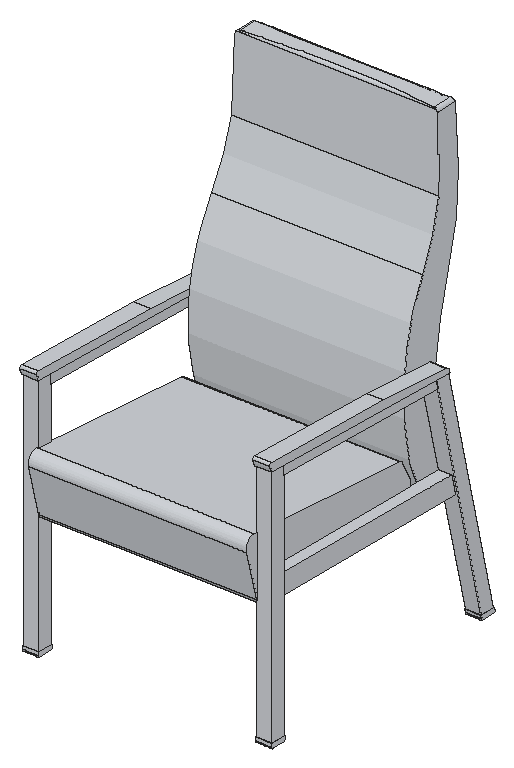
Revit family "Seat-LaZBoy-Kadia_Mod_Visitor_Seating-KAM10H", category Furniture, Revit 2017
Family settings
  OmniClass Number = 23.40.20.00
  OmniClass Title = General Furniture and Specialties
  Work Plane-Based = No
  Always vertical = Yes
  Cut with Voids When Loaded = No
  Shared = No
  Room Calculation Point = No
Parameters (values of type "Load by Type Catalog")
  Width = 24.50"  # constant formula
  URL = "https://www.la-z-boy.com/"
  Seat Material [instance] = none
  Product Documentation Link = "URL"
  Model = "KAM10HW"
  Manufacturer = "LaZBoy"
  Height = 45.50"  # constant formula
  Description = "High Back Guest Chair with Arm Wood Arm Caps"
  Depth = 28.50"  # constant formula
  Copyright © = "Inc"
  Back Material [instance] = none
  Assembly Code = "E2020200"
  Armcap Material [instance] = none
  Arm Material [instance] = none
Reference planes (in)
  plane 1 "Center (Front/Back)": y = 0
  plane 2: z = 0
  plane 3 "Center (Left/Right)": x = 0
  plane 4 "Left": x = -11.25
  plane 5 "Right": x = 11.25
  plane 6: y = -14.25
  plane 7: x = 12.25
  plane 8: x = -12.25
  plane 9: z = 45.5
  plane 10: y = 14.25
Forms (in)
  Extrusion 1, solid, material <- "Seat Material"
    sketch origin (0, 0, 0) x (0, 1, 0) y (0, 0, 1)
      loop
        line (-14.20977, 17.31062) -> (-12.97981, 12.5796)
        arc (-12.97981, 12.5796) -> (-12.80573, 12.31297) -> (-12.50598, 12.20551) r 0.5
        line (-12.50598, 12.20551) -> (-11.38081, 12.18281)
        arc (-11.38081, 12.18281) -> (-11.29166, 12.21765) -> (-11.25325, 12.30532) r 0.12505
        line (-11.25325, 12.30532) -> (-11.20993, 14.45317) -> (5.29993, 14.12012)
        arc (5.29993, 14.12012) -> (5.65915, 14.23248) -> (5.8094, 14.57757) r 0.45291
        arc (5.8094, 14.57757) -> (5.74318, 15.0541) -> (5.56542, 15.50117) r 2.00636
        line (5.56542, 15.50117) -> (4.83996, 16.83345)
        arc (4.83996, 16.83345) -> (4.70704, 16.98141) -> (4.52178, 17.05378) r 0.43026
        arc (4.52178, 17.05378) -> (-4.32435, 18.04888) -> (-13.21148, 18.56177) r 163.74963
        arc (-13.21148, 18.56177) -> (-14.02361, 18.18593) -> (-14.20977, 17.31062) r 1
    from -10.6875 to 10.6875
  Extrusion 2, void
    sketch origin (0, 0, 0) x (1, 0, 0) y (0, 0, 1)
      loop
        arc (-9.92603, 45.01507) -> (-9.81188, 45.28172) -> (-9.54658, 45.39895) r 0.39584
        arc (-9.54658, 45.39895) -> (-0.01623, 45.59436) -> (9.51413, 45.39895) r 232.50847
        arc (9.51413, 45.39895) -> (9.80024, 45.29302) -> (9.92603, 45.01507) r 0.39584
        line (9.92603, 45.01507) -> (10.56142, 23.40338) -> (10.56142, 12.03239) -> (13.43105, 12.03239) -> (13.43105, 46.28239) -> (-13.43105, 46.28239) -> (-13.43105, 12.03239) -> (-10.56142, 12.03239) -> (-10.56142, 23.40338) -> (-9.92603, 45.01507)
    from -14.4375 to 14.4375
  Extrusion 3, solid, material <- "Back Material"
    sketch origin (0, 0, 0) x (0, 1, 0) y (0, 0, 1)
      loop
        arc (9.02026, 23.00751) -> (9.7272, 27.09147) -> (10.91938, 31.061) r 34.45688
        arc (10.91938, 31.061) -> (12.01923, 35.10092) -> (12.41025, 39.26957) r 24.3337
        arc (12.41025, 39.26957) -> (12.38041, 42.21135) -> (12.24747, 45.15027) r 83.91515
        arc (12.24747, 45.15027) -> (12.13765, 45.39469) -> (11.89402, 45.50623) r 0.38076
        line (11.89402, 45.50623) -> (10.56635, 45.59907)
        arc (10.56635, 45.59907) -> (10.29183, 45.51005) -> (10.15591, 45.25547) r 0.38575
        arc (10.15591, 45.25547) -> (10.01665, 41.55572) -> (10.00748, 37.85335) r 105.35325
        arc (10.00748, 37.85335) -> (9.13569, 34.81059) -> (7.80947, 31.93665) r 20.66566
        arc (7.80947, 31.93665) -> (5.20393, 22.49701) -> (7.24592, 12.91965) r 20.62466
        arc (7.24592, 12.91965) -> (7.43038, 12.71353) -> (7.6962, 12.63702) r 0.5
        line (7.6962, 12.63702) -> (9.9862, 12.63702)
        arc (9.9862, 12.63702) -> (10.81864, 13.0829) -> (10.90874, 14.02293) r 1
        arc (10.90874, 14.02293) -> (9.83718, 17.0473) -> (9.10846, 20.17204) r 28.8197
        arc (9.10846, 20.17204) -> (8.9633, 21.58663) -> (9.02026, 23.00751) r 10
    from -12.25 to 12.25
  Extrusion 4, solid, material <- "Arm Material"
    sketch origin (-50.875, 0, 0) x (0, 1, 0) y (0, 0, 1)
      loop
        line (-11.53552, 23.46763) -> (7.29722, 22.74599) -> (7.06924, 23.69802) -> (-11.53552, 24.41093) -> (-11.53552, 23.46763)
    from 38.6875 to 40.1875
  Extrusion 5, solid, material <- "Arm Material"
    sketch origin (-28, 0, 0) x (0, 1, 0) y (0, 0, 1)
      loop
        line (-11.53552, 23.46763) -> (7.29722, 22.74599) -> (7.06924, 23.69802) -> (-11.53552, 24.41093) -> (-11.53552, 23.46763)
    from 38.6875 to 40.1875
Cuts and joins
  Extrusion 2 cuts Extrusion 3
Lines and regions (in)
  Masking region 1
    outline origin (27, 0, 0) x (1, 0, 0) y (0, 1, 0)
      loop
        spline (-16.375, 5.5) -> (-16.38323, 6.79904) -> (-16.40599, 7.89227) -> (-16.44036, 8.8047) -> (-16.48345, 9.56133) -> (-16.53234, 10.18714) -> (-16.58413, 10.70715) -> (-16.63592, 11.14634) -> (-16.6848, 11.52972) -> (-16.7337, 11.87191) -> (-16.80562, 12.15185) -> (-16.92783, 12.34086) -> (-17.12764, 12.41024)
        line (-17.12764, 12.41024) -> (-36.87236, 12.41024)
        spline (-36.87236, 12.41024) -> (-37.07217, 12.34086) -> (-37.19438, 12.15185) -> (-37.2663, 11.87191) -> (-37.3152, 11.52972) -> (-37.36408, 11.14634) -> (-37.41587, 10.70715) -> (-37.46766, 10.18714) -> (-37.51655, 9.56133) -> (-37.55964, 8.8047) -> (-37.59401, 7.89227) -> (-37.61677, 6.79904) -> (-37.625, 5.5)
        line (-37.625, 5.5) -> (-37.625, -13.75)
        arc (-37.625, -13.75) -> (-37.47855, -14.10355) -> (-37.125, -14.25) r 0.5
        line (-37.125, -14.25) -> (-16.875, -14.25)
        arc (-16.875, -14.25) -> (-16.52145, -14.10355) -> (-16.375, -13.75) r 0.5
        line (-16.375, -13.75) -> (-16.375, 5.5)
  symbolic lines, detail levels medium+fine
    curve 1: line (-9.54658, 10.20078, 0) -> (9.54658, 10.20078, 0)
  symbolic lines, style "Furniture", detail levels medium+fine
    curve 2: line (-10.625, 4.65279, 0) -> (-9.54658, 10.20078, 0)
    curve 3: line (10.625, 4.65279, 0) -> (9.54658, 10.20078, 0)
Dimensions and locks (in)
  equal spacing: plane 4 "Left", plane 3 "Center (Left/Right)", plane 5 "Right"
  equal spacing: plane 8, plane 3 "Center (Left/Right)", plane 7
  "Width": plane 8 to plane 7
  "Height": plane 9 to plane 2
  locked: plane 8 to plane 4 "Left" at 1
  plane 5 "Right" to plane 7 = 1.00"
  equal spacing: plane 10, plane 1 "Center (Front/Back)", plane 6
  "Depth": plane 6 to plane 10
  aligned and locked: level to plane 2
  aligned and locked: plane 3 "Center (Left/Right)" to nested 1
  aligned and locked: plane 1 "Center (Front/Back)" to nested 1
  aligned and locked: plane 10 to nested 2
  aligned and locked: nested 2 to plane 8
  aligned and locked: plane 7 to nested 3
  aligned and locked: nested 3 to plane 10
  aligned and locked: nested 2 to Extrusion 1
  aligned and locked: Extrusion 1 to nested 3
Automatic sketch dimensions
  plane 4 "Left" to curve 2 = 1.70342"
  plane 5 "Right" to curve 3 = 1.70342"
  curve 2 to plane 10 = 4.04922"
  plane 4 "Left" to curve 2 = 0.625"
  plane 5 "Right" to curve 3 = 0.625"
  curve 3 to plane 1 "Center (Front/Back)" = 4.65279"
  curve 2 to plane 1 "Center (Front/Back)" = 4.65279"
  plane 6 to Extrusion 1 sketch curve = 3.94909"
  Extrusion 1 sketch curve to plane 6 = 0.04023"
  Extrusion 1 sketch curve to Extrusion 1 sketch curve = 0.96783"
  Extrusion 1 sketch curve to plane 6 = 1.27019"
  Extrusion 1 sketch curve to Extrusion 1 sketch curve = 0.47383"
  Extrusion 1 sketch curve to Extrusion 1 sketch curve = 0.48391"
  Extrusion 1 sketch curve to Extrusion 1 sketch curve = 1.12518"
  Extrusion 1 sketch curve to Extrusion 1 sketch curve = 0.00252"
  Extrusion 1 sketch curve to Extrusion 1 sketch curve = 0.12503"
  Extrusion 1 sketch curve to Extrusion 1 sketch curve = 0.04333"
  Extrusion 1 sketch curve to plane 1 "Center (Front/Back)" = 3.80336"
  Extrusion 1 sketch curve to Extrusion 1 sketch curve = 0.65872"
  Extrusion 1 sketch curve to Extrusion 1 sketch curve = 0.37787"
  Extrusion 1 sketch curve to Extrusion 1 sketch curve = 1.49656"
  Extrusion 1 sketch curve to Extrusion 1 sketch curve = 0.05664"
  Extrusion 1 sketch curve to Extrusion 1 sketch curve = 0.20885"
  Extrusion 1 sketch curve to level = 145.11188"
  level to Extrusion 1 sketch curve = 12.18281"
  Extrusion 1 sketch curve to Extrusion 1 sketch curve = 0.0227"
  Extrusion 1 sketch curve to Extrusion 1 sketch curve = 0.12251"
  Extrusion 1 sketch curve to Extrusion 1 sketch curve = 0.37409"
  level to Extrusion 1 sketch curve = 14.12012"
  Extrusion 1 sketch curve to Extrusion 1 sketch curve = 0.42156"
  Extrusion 1 sketch curve to Extrusion 1 sketch curve = 0.44935"
  Extrusion 1 sketch curve to Extrusion 1 sketch curve = 0.9317"
  Extrusion 1 sketch curve to Extrusion 1 sketch curve = 1.12651"
  Extrusion 1 sketch curve to Extrusion 1 sketch curve = 0.20576"
  Extrusion 1 sketch curve to Extrusion 1 sketch curve = 2.85745"
  Extrusion 1 sketch curve to Extrusion 1 sketch curve = 0.25161"
  Extrusion 1 sketch curve to Extrusion 1 sketch curve = 0.00"
  plane 6 to Masking region 1 sketch curve = 0.00"
  plane 4 "Left" to Masking region 1 sketch curve = 0.625"
  Masking region 1 sketch curve to plane 6 = 0.50"  (x2)
  plane 4 "Left" to Masking region 1 sketch curve = 1.37764"
  plane 5 "Right" to Masking region 1 sketch curve = 1.37764"
  plane 5 "Right" to Masking region 1 sketch curve = 1.125"
  Masking region 1 sketch curve to plane 1 "Center (Front/Back)" = 5.50"  (x2)
  Masking region 1 sketch curve to plane 10 = 1.83976"
  Extrusion 2 sketch curve to plane 8 = 1.18105"
  plane 4 "Left" to Extrusion 2 sketch curve = 0.68858"
  plane 4 "Left" to Extrusion 2 sketch curve = 1.32397"
  Extrusion 2 sketch curve to Extrusion 2 sketch curve = 0.39567"  (x2)
  Extrusion 2 sketch curve to plane 3 "Center (Left/Right)" = 0.01623"
  Extrusion 2 sketch curve to plane 9 = 0.49656"  (x2)
  plane 5 "Right" to Extrusion 2 sketch curve = 1.71964"
  Extrusion 2 sketch curve to plane 9 = 0.48493"
  plane 5 "Right" to Extrusion 2 sketch curve = 0.68858"
  Extrusion 2 sketch curve to plane 7 = 1.18105"
  Extrusion 2 sketch curve to Extrusion 2 sketch curve = 21.61169"
  Extrusion 2 sketch curve to Extrusion 2 sketch curve = 0.00"  (x2)
  Extrusion 2 sketch curve to Extrusion 2 sketch curve = 11.371"  (x2)
  Extrusion 2 sketch curve to level = 186.91412"
  Extrusion 2 sketch curve to Extrusion 2 sketch curve = 0.01163"
  plane 9 to Extrusion 2 sketch curve = 0.78239"
  Extrusion 3 sketch curve to plane 9 = 5.61048"
  plane 6 to Extrusion 3 sketch curve = 57.25261"
  Extrusion 3 sketch curve to plane 6 = 2.32721"
  Extrusion 3 sketch curve to Extrusion 3 sketch curve = 1.68638"
  Extrusion 3 sketch curve to plane 10 = 6.5538"
  Extrusion 3 sketch curve to Extrusion 3 sketch curve = 2.29001"
  Extrusion 3 sketch curve to plane 9 = 0.28573"
  Extrusion 3 sketch curve to plane 10 = 3.71056"
  plane 9 to Extrusion 3 sketch curve = 0.09907"
  Extrusion 3 sketch curve to Extrusion 3 sketch curve = 0.02691"
  Extrusion 3 sketch curve to plane 9 = 0.3736"
  Extrusion 3 sketch curve to Extrusion 3 sketch curve = 1.32802"
  plane 9 to Extrusion 3 sketch curve = 0.00623"
  Extrusion 3 sketch curve to Extrusion 3 sketch curve = 0.02656"
  plane 10 to Extrusion 3 sketch curve = 4.70847"
  Extrusion 3 sketch curve to Extrusion 3 sketch curve = 6.86108"
  Extrusion 3 sketch curve to Extrusion 3 sketch curve = 11.67633"
  Extrusion 3 sketch curve to Extrusion 3 sketch curve = 5.76835"
  Extrusion 3 sketch curve to plane 9 = 6.05639"
  Extrusion 3 sketch curve to Extrusion 3 sketch curve = 72.0845"
  Extrusion 3 sketch curve to plane 9 = 20.35506"
  Extrusion 3 sketch curve to Extrusion 3 sketch curve = 3.24737"
  Extrusion 3 sketch curve to Extrusion 3 sketch curve = 0.01147"
  Extrusion 3 sketch curve to Extrusion 3 sketch curve = 5.96196"
  Extrusion 3 sketch curve to Extrusion 3 sketch curve = 8.26055"
  Extrusion 3 sketch curve to Extrusion 3 sketch curve = 0.50"
  Extrusion 3 sketch curve to Extrusion 3 sketch curve = 1.00"
  Extrusion 3 sketch curve to plane 9 = 6.05066"
  Extrusion 3 sketch curve to Extrusion 3 sketch curve = 2.55785"
  Extrusion 3 sketch curve to Extrusion 3 sketch curve = 0.00"  (x6)
  Extrusion 3 sketch curve to plane 10 = 5.22974"
  Extrusion 3 sketch curve to Extrusion 3 sketch curve = 2.19801"
  Extrusion 4 sketch curve to plane 6 = 2.71448"
  Extrusion 4 sketch curve to plane 10 = 7.18076"
  Extrusion 4 sketch curve to Extrusion 4 sketch curve = 0.22798"
  level to Extrusion 4 sketch curve = 22.74599"
  Extrusion 4 sketch curve to Extrusion 4 sketch curve = 0.72164"
  Extrusion 4 sketch curve to Extrusion 4 sketch curve = 0.95203"
  Extrusion 4 sketch curve to Extrusion 4 sketch curve = 0.9433"
  Extrusion 5 sketch curve to plane 6 = 2.71448"
  Extrusion 5 sketch curve to plane 10 = 7.18076"
  Extrusion 5 sketch curve to Extrusion 5 sketch curve = 0.22798"
  level to Extrusion 5 sketch curve = 22.74599"
  Extrusion 5 sketch curve to Extrusion 5 sketch curve = 0.72164"
  Extrusion 5 sketch curve to Extrusion 5 sketch curve = 0.95203"
  Extrusion 5 sketch curve to Extrusion 5 sketch curve = 0.9433"
Nested families (in)
  nested 1: "Label 1-16" at (0, 0, 0), type "Center", detail levels fine
    with Offset (LR) 0.00"
  nested 2: "KAM-Legs" at (-11.4375, -0.62521, 0), type "Standard"
  nested 3: "KAM-Legs" at (11.4375, -0.62521, 0) x (-1, 0, 0) z (0, 0, 1), type "Standard"
Definition of nested family "KAM-Legs"
  Parameters (values of type "Standard")
    URL = ""
    Model = ""
    Manufacturer = ""
    Description = ""
    Assembly Code = "E2020200"
    Armcap Material = none
    Arm Material = none
  Reference planes (in)
    plane 1 "Center (Front/Back)": y = 0
    plane 2: z = 0
    plane 3 "Center (Left/Right)": x = 0
    plane 4 "Left": x = -0.75
    plane 5 "Right": x = 0.75
    plane 6 "Top": z = 7.875
    plane 7: z = 3.9375
    plane 8: y = 14.87521
    plane 9: y = -12.70677
    plane 10: x = -0.8125
    plane 11: x = 0.8125
  Forms (in)
    Extrusion 1, solid, material <- "Arm Material"
      sketch origin (0, 0, 0) x (0, 1, 0) y (0, 0, 1)
        loop
          line (14.77719, 0.5562) -> (9.21278, 23.70234) -> (7.67912, 23.76206) -> (13.2361, 0.5562) -> (14.77719, 0.5562)
        loop
          line (-10.91031, 0.54831) -> (-10.91031, 24.62591) -> (-12.39735, 24.62591) -> (-12.39735, 0.54831) -> (-10.91031, 0.54831)
      from -0.75 to 0.75
    Extrusion 2, solid, material <- "Armcap Material"
      sketch origin (0, 0, 0) x (0, 1, 0) y (0, 0, 1)
        loop
          line (9.31962, 23.63575) -> (9.28113, 23.81681)
          arc (9.28113, 23.81681) -> (9.14966, 24.04635) -> (8.90912, 24.15643) r 0.43259
          arc (8.90912, 24.15643) -> (5.08499, 24.53404) -> (1.2488, 24.75811) r 95.87237
          line (1.2488, 24.75811) -> (-12.47645, 25.28404)
          arc (-12.47645, 25.28404) -> (-12.65161, 25.20907) -> (-12.70444, 25.026) r 0.22237
          arc (-12.70444, 25.026) -> (-12.635, 24.74221) -> (-12.52223, 24.47269) r 1.87069
          line (-12.52223, 24.47269) -> (9.31962, 23.63575)
      from -0.8125 to 0.8125
    Extrusion 3, solid
      sketch origin (0, 0.00399, 0) x (1, 0, 0) y (0, 1, 0)
        loop
          circle (0, 14.05016) r 0.56382
        loop
          circle (0, -11.66859) r 0.56382
      from 0 to 0.262
    Extrusion 4, solid, material <- "Arm Material"
      sketch origin (0, 0, 0) x (0, 1, 0) y (0, 0, 1)
        loop
          line (9.94865, 14.28456) -> (-10.91031, 14.70467) -> (-10.91031, 12.70427) -> (10.42999, 12.27446) -> (9.94865, 14.28456)
      from 0.75 to -0.5
    Extrusion 5, solid
      sketch origin (0, 0, 0) x (0, 1, 0) y (0, 0, 1)
        loop
          line (14.80347, 0.5562) -> (13.20606, 0.5562) -> (13.28835, 0.19977)
          arc (13.28835, 0.19977) -> (13.33819, 0.12079) -> (13.42636, 0.09) r 0.14163
          line (13.42636, 0.09) -> (14.75158, 0.09)
          arc (14.75158, 0.09) -> (14.85088, 0.1379) -> (14.87521, 0.24543) r 0.12689
          line (14.87521, 0.24543) -> (14.80347, 0.5562)
        loop
          line (-10.88531, 0.54831) -> (-12.43327, 0.54831) -> (-12.43327, 0.21253)
          arc (-12.43327, 0.21253) -> (-12.39854, 0.12868) -> (-12.31468, 0.09394) r 0.11859
          line (-12.31468, 0.09394) -> (-11.00771, 0.09394)
          arc (-11.00771, 0.09394) -> (-10.92116, 0.12979) -> (-10.88531, 0.21634) r 0.1224
          line (-10.88531, 0.21634) -> (-10.88531, 0.54831)
      from 0.79 to -0.79
  Lines and regions (in)
    Masking region 1
      outline origin (0, 0, 0) x (1, 0, 0) y (0, 1, 0)
        loop
          line (-0.75, 14.87521) -> (-0.75, 9.31962) -> (-0.8125, 9.31962) -> (-0.8125, -12.70677) -> (0.8125, -12.70677) -> (0.8125, 9.31962) -> (0.75, 9.31962) -> (0.75, 14.87521) -> (-0.75, 14.87521)
    symbolic lines, detail levels medium+fine
      curve 1: line (-0.75, 9.31962, 0) -> (0.75, 9.31962, 0)
  Dimensions and locks (in)
    equal spacing: plane 4 "Left", plane 3 "Center (Left/Right)", plane 5 "Right"
    plane 2 to plane 6 "Top" = 7.875"
    equal spacing: plane 6 "Top", plane 7, plane 2
    aligned and locked: level to plane 2
    aligned and locked: Masking region 1 sketch curve to plane 8
    aligned and locked: Masking region 1 sketch curve to plane 4 "Left"
    aligned and locked: plane 5 "Right" to Masking region 1 sketch curve
    aligned and locked: Masking region 1 sketch curve to plane 9
    aligned and locked: Masking region 1 sketch curve to Extrusion 2
    aligned and locked: Extrusion 2 to Masking region 1 sketch curve
  Automatic sketch dimensions
    Extrusion 3 sketch curve to plane 3 "Center (Left/Right)" = 0.00"  (x2)
    Extrusion 4 sketch curve to Extrusion 4 sketch curve = 0.48135"
    Extrusion 4 sketch curve to plane 6 "Top" = 4.39946"
    Extrusion 4 sketch curve to plane 6 "Top" = 4.82927"
    Extrusion 3 sketch curve to plane 1 "Center (Front/Back)" = 14.05415"
    Extrusion 4 sketch curve to plane 6 "Top" = 6.40956"
    plane 1 "Center (Front/Back)" to Extrusion 3 sketch curve = 11.6646"
    Extrusion 1 sketch curve to plane 9 = 0.30942"
    Extrusion 1 sketch curve to Extrusion 1 sketch curve = 1.48705"
    Extrusion 1 sketch curve to plane 8 = 0.09802"
    level to Extrusion 1 sketch curve = 0.54831"
    level to Extrusion 1 sketch curve = 0.5562"
    Extrusion 1 sketch curve to plane 6 "Top" = 16.75091"
    Extrusion 1 sketch curve to plane 8 = 7.19609"
    Extrusion 1 sketch curve to Extrusion 1 sketch curve = 1.53366"
    Extrusion 1 sketch curve to Extrusion 1 sketch curve = 1.54109"
    Extrusion 1 sketch curve to Extrusion 1 sketch curve = 0.05972"
    Extrusion 1 sketch curve to plane 6 "Top" = 15.82734"
    Extrusion 4 sketch curve to Extrusion 4 sketch curve = 2.00041"
    Extrusion 4 sketch curve to plane 9 = 1.79647"
    Extrusion 4 sketch curve to plane 8 = 4.44522"
    Extrusion 2 sketch curve to plane 9 = 0.18455"
    Extrusion 2 sketch curve to plane 9 = 0.2218"
    Extrusion 2 sketch curve to Extrusion 2 sketch curve = 0.00851"
    Extrusion 2 sketch curve to Extrusion 2 sketch curve = 1.61828"
    plane 1 "Center (Front/Back)" to Extrusion 2 sketch curve = 2.42217"
    Extrusion 2 sketch curve to plane 1 "Center (Front/Back)" = 1.2488"
    Extrusion 2 sketch curve to plane 8 = 6.01722"
    Extrusion 2 sketch curve to Extrusion 2 sketch curve = 0.42314"
    Extrusion 2 sketch curve to Extrusion 2 sketch curve = 0.03849"
    Extrusion 2 sketch curve to level = 71.04395"
    Extrusion 2 sketch curve to plane 6 "Top" = 15.76075"
    Extrusion 2 sketch curve to Extrusion 2 sketch curve = 0.09112"
    Extrusion 2 sketch curve to Extrusion 2 sketch curve = 0.18106"
    Extrusion 2 sketch curve to plane 6 "Top" = 16.59769"
    Extrusion 2 sketch curve to Extrusion 2 sketch curve = 1.03124"
    Extrusion 2 sketch curve to Extrusion 2 sketch curve = 0.58913"
    Extrusion 2 sketch curve to Extrusion 2 sketch curve = 0.22221"
    Extrusion 2 sketch curve to Extrusion 2 sketch curve = 0.04331"
    Extrusion 5 sketch curve to plane 8 = 0.00"
    Extrusion 5 sketch curve to plane 8 = 0.07175"
    Extrusion 5 sketch curve to plane 8 = 0.12364"
    level to Extrusion 5 sketch curve = 0.23163"
    Extrusion 5 sketch curve to Extrusion 5 sketch curve = 1.32522"
    level to Extrusion 5 sketch curve = 0.19977"
    Extrusion 5 sketch curve to Extrusion 5 sketch curve = 0.138"
    level to Extrusion 5 sketch curve = 0.5562"
    Extrusion 5 sketch curve to Extrusion 5 sketch curve = 0.08229"
    level to Extrusion 5 sketch curve = 0.21634"
    Extrusion 5 sketch curve to plane 9 = 1.82147"
    Extrusion 5 sketch curve to Extrusion 5 sketch curve = 0.1224"
    Extrusion 5 sketch curve to plane 9 = 0.39209"
    Extrusion 5 sketch curve to plane 9 = 0.2735"
    Extrusion 5 sketch curve to Extrusion 5 sketch curve = 0.12689"
    Extrusion 5 sketch curve to Extrusion 5 sketch curve = 0.33578"
    Masking region 1 sketch curve to plane 8 = 5.5556"
    Masking region 1 sketch curve to Masking region 1 sketch curve = 0.00"
    curve 1 to plane 4 "Left" = 0.00"
    curve 1 to plane 5 "Right" = 0.00"
    curve 1 to plane 8 = 5.5556"
    radius of Extrusion 3 sketch curve = 0.56382"  (x2)
Definition of nested family "Label 1-16"
  Parameters (values of type "Center")
    P_Width = 0.00"
    Text_Width = "Empty"
    Text_Height = "Empty"
    Text_Diameter = "Empty"
    Text_Depth = "Empty"
    Offset (LR) [instance] = 0.00"
    Model Name = "6961"
    P_Height = 0.00"
    Distance of Center (not Change) = 0.00"
    P_Diameter = 0.00"
    P_Depth = 0.00"
  Reference planes (in)
    plane 1: y = 0
    plane 2: x = 0
  Lines and regions (in)
    reference lines
      curve 1: line (-0.44359, 0, 0) -> (0.41085, 0, 0)
      curve 3: line (0, 0.32564, 0) -> (0, -0.40221, 0)
    reference lines, not visible
      curve 2: line (-0.44359, 0.09843, 0) -> (0.41085, 0.09843, 0)
      curve 4: line (0, 0.42407, 0) -> (0, -0.30379, 0)
  Text (in)
    label "Empty" at (0.00197, -0.0079, 0), shows "Model Name"
    label "Empty" at (0.00197, 0.09052, 0), shows "Model Name", not visible
  Dimensions and locks (in)
    "Distance of Center (not Change)": plane 1 to curve 1
    "Offset (LR)": curve 3 to plane 2
  Automatic sketch dimensions
    curve 1 to curve 3 = 0.44359"
    curve 3 to curve 1 = 0.41085"
    curve 3 to curve 1 = 0.40221"
    curve 1 to curve 3 = 0.32564"
    curve 2 to curve 4 = 0.44359"
    curve 4 to curve 2 = 0.41085"
    curve 4 to curve 2 = 0.40221"
    curve 2 to curve 4 = 0.32564"
Types in the file's own list only (3): name | Model | Description
  Wood Arm Caps | "KAM10HW" | "High Back Guest Chair with Arm Wood Arm Caps"
  Urethane Arm Caps | "KAM10HU" | "High Back Guest Chair with Arm Urethane Arm Caps"
  Solid Surface Arm Caps | "KAM10HJ" | "High Back Guest Chair with Solid Surface Arm Caps"
